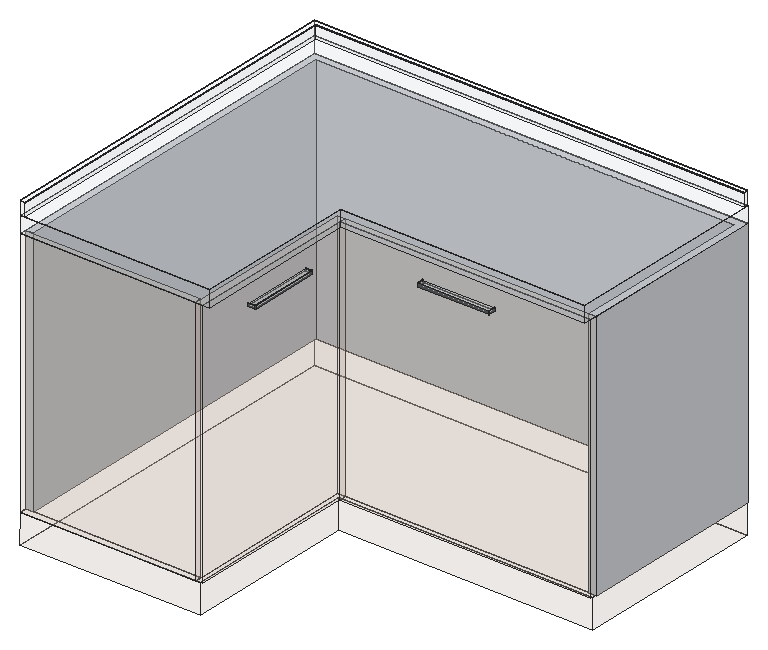
Revit family "주방전체", category 케이스워크, Revit 2026
Family settings
  작업 기준면 기반 = 아니오
  항상 수직 = 예
  로드될 때 보이드를 사용하여 절단 = 아니오
  공유 = 아니오
  룸 계산 점 = 아니오
Parameters (values of type "1120 x 1320 x 900mm")
  기본 높이 = 0 mm
  Top Material = 엔지니어스톤
  Material = 지정칼라H/G도장마감
  키노트 = "N10"
  Handle Material = 엔지니어스톤
  설명 = "Corner"
  깊이 = 1120 mm
  높이 = 900 mm
  폭 = 1320 mm
  조합 코드 = "C1030400"
Types (3, lengths in mm): name | Top Material | Material | Handle Material | 깊이 | 높이 | 폭
  1120 x 1320 x 862mm | 엔지니어스톤 | 지정칼라H/G도장마감 | 엔지니어스톤 | 1120 | 862 | 1320
  931 x 931 x 900mm | none | none | none | 931 | 900 | 931
  1120 x 1320 x 900mm | 엔지니어스톤 | 지정칼라H/G도장마감 | 엔지니어스톤 | 1120 | 900 | 1320
Reference planes
  plane 1 "Back": y = 0
  plane 2: z = 0
  plane 3 "Center (Left/Right)": x = 44.7
  plane 4 "Front": y = -1120
  plane 5 "Left": x = -615.3
  plane 6 "Right": x = 704.7
  plane 7 "Top": z = 900
  plane 8: z = 90
  plane 9: z = 850
  plane 10: y = -622
  plane 11: x = -37.3
Forms (mm)
  Extrusion 1, solid
    sketch origin (0, 0, 0) x (1, 0, 0) y (0, 1, 0)
      loop
        line (-615.3, 0) -> (-615.3, -1098) -> (-593.3, -1098) -> (-593.3, -22) -> (682.7, -22) -> (682.7, -578) -> (704.7, -578) -> (704.7, 0) -> (-615.3, 0)
    from 90 to 850
  Extrusion 2, solid, material "지정칼라H/G도장마감" <- "Material"
    sketch origin (0, -20, 0) x (1, 0, 0) y (0, 1, 0)
      loop
        line (-615.3, -1100) -> (-82.3, -1100) -> (-82.3, -1078) -> (-615.3, -1078) -> (-615.3, -1100)
    from 90 to 850
  Extrusion 3, solid, material "엔지니어스톤" <- "Top Material"
    sketch origin (0, 0, 900) x (0, -1, 0) y (-1, 0, 0)
      loop
        line (0, 615.3) -> (0, -704.7) -> (622, -704.7) -> (622, 37.3) -> (1120, 37.3) -> (1120, 615.3) -> (0, 615.3)
    from 0 to 50
  Extrusion 4, solid, material "지정칼라H/G도장마감" <- "Material"
    sketch origin (0, 0, 900) x (0, -1, 0) y (-1, 0, 0)
      loop
        line (0.534, 615.3) -> (0.534, -704.7) -> (592, -704.7) -> (592, 67.3) -> (1120, 67.3) -> (1120, 615.3) -> (0.534, 615.3)
    from 810 to 900
  Sweep 5, solid, material "엔지니어스톤" <- "Top Material"
    path origin (0, 0, 900) x (0, -1, 0) y (1, 0, 0)
      loop
        line (0, 704.7) -> (0, -615.3) -> (1120, -615.3)
    profile origin (44.7, 0, 0) x (0, -1, 0) y (0, 0, 1)
      loop
        line (0, 900) -> (15, 900) -> (15, 938)
        arc (15, 938) -> (14.414, 939.414) -> (13, 940) r 2
        line (13, 940) -> (1.504, 940) -> (1.504, 942.003) -> (0, 942.003) -> (0, 900)
  Extrusion 6, solid, material "지정칼라H/G도장마감" <- "Material"
    sketch origin (309, 311, 0) x (1, 0, 0) y (0, 1, 0)
      loop
        line (-368.3, -911) -> (395.7, -911) -> (395.7, -889) -> (-368.3, -889) -> (-368.3, -911)
    from 90 to 850
  Extrusion 7, solid, material "지정칼라H/G도장마감" <- "Material"
    sketch origin (-753.8, -729.8, 0) x (0, -1, 0) y (1, 0, 0)
      loop
        line (-151.8, 694.5) -> (-151.8, 672.5) -> (390.2, 672.5) -> (390.2, 694.5) -> (-151.8, 694.5)
    from 90 to 850
Dimensions and locks
  "폭": plane 6 "Right" to plane 5 "Left"
  equal spacing: plane 6 "Right", plane 3 "Center (Left/Right)", plane 5 "Left"
  "깊이": plane 4 "Front" to plane 1 "Back"
  "높이": level to plane 7 "Top"
  locked: Extrusion 1 sketch curve to Extrusion 1 sketch curve at 22  (x3)
  locked: plane 8 to level at 90
  locked: plane 7 "Top" to plane 9 at 50
  plane 5 "Left" to plane 6 "Right" = 1320 mm
  plane 5 "Left" to plane 11 = 578 mm
  locked: plane 10 to plane 1 "Back" at 622
  equal spacing: Extrusion 7, nested 1, Extrusion 3
  plane 4 "Front" to nested 2 to Extrusion 6 = 258 mm, 262 mm
  nested 1 to level = 799.2 mm
  aligned and locked: Extrusion 1 sketch curve to plane 6 "Right"
  aligned and locked: plane 1 "Back" to Extrusion 1 sketch curve
  aligned and locked: Extrusion 1 sketch curve to plane 5 "Left"
  aligned and locked: Extrusion 2 to plane 9
  aligned and locked: Extrusion 1 to plane 9
  aligned and locked: plane 8 to Extrusion 2
  aligned and locked: plane 8 to Extrusion 1
  aligned and locked: Extrusion 4 to Extrusion 1
  aligned and locked: nested 1 to nested 2
Automatic sketch dimensions
  Sweep 5 sketch curve to plane 6 "Right" = 0 mm
  Sweep 5 sketch curve to profile plane = 0 mm  (x2)
  Sweep 5 sketch curve to profile plane = 1.504 mm
  Sweep 5 sketch curve to Sweep 5 sketch curve = 11.496 mm
  Sweep 5 sketch curve to profile plane = 15 mm
  profile plane to Sweep 5 sketch curve = 38 mm
  Sweep 5 sketch curve to Sweep 5 sketch curve = 2.003 mm
  Extrusion 6 sketch curve to plane 10 = 44 mm
  plane 11 to Extrusion 6 sketch curve = 22 mm
  Extrusion 6 sketch curve to plane 6 "Right" = 0 mm
  Extrusion 6 sketch curve to plane 10 = 22 mm
  Extrusion 1 sketch curve to plane 10 = 44 mm
  Extrusion 1 sketch curve to plane 4 "Front" = 22 mm
  plane 11 to Extrusion 7 sketch curve = 22 mm
  Extrusion 7 sketch curve to plane 10 = 44 mm
  Extrusion 7 sketch curve to plane 4 "Front" = 0 mm
  plane 11 to Extrusion 7 sketch curve = 44 mm
  Extrusion 4 sketch curve to plane 5 "Left" = 0 mm
  Extrusion 4 sketch curve to plane 6 "Right" = 0 mm
  Extrusion 4 sketch curve to plane 4 "Front" = 0 mm
  Extrusion 4 sketch curve to plane 10 = 30 mm
  plane 1 "Back" to Extrusion 4 sketch curve = 0.534 mm
  plane 11 to Extrusion 4 sketch curve = 30 mm
  Extrusion 3 sketch curve to plane 1 "Back" = 0 mm
  Extrusion 3 sketch curve to plane 10 = 0 mm
  Extrusion 3 sketch curve to plane 4 "Front" = 0 mm
  Extrusion 3 sketch curve to plane 5 "Left" = 0 mm
  Extrusion 3 sketch curve to plane 11 = 0 mm
  Extrusion 3 sketch curve to plane 6 "Right" = 0 mm
  Extrusion 2 sketch curve to plane 5 "Left" = 0 mm
  Extrusion 2 sketch curve to plane 4 "Front" = 0 mm
  Extrusion 2 sketch curve to plane 4 "Front" = 22 mm
  plane 11 to Extrusion 2 sketch curve = 45 mm
  Sweep 5 sketch curve to plane 1 "Back" = 0 mm
  Sweep 5 sketch curve to plane 4 "Front" = 0 mm
  Sweep 5 sketch curve to plane 5 "Left" = 0 mm
Nested families
  nested 1: "Casework Handle" at (597.577, -645.5, 787.2), type "220 x 23mm"
  nested 2: "Casework Handle" at (-17.3, -587.123, 787.2) x (0, 1, 0) z (0, 0, 1), type "220 x 23mm"
Definition of nested family "Casework Handle"
  Parameters
    Default Elevation = 0 mm
    Material = none
  Reference planes
    plane 1 "Center (Front/Back)": y = 0
    plane 2: z = 0
    plane 3 "Center (Left/Right)": x = -274.877
    plane 4: x = -384.877
    plane 5: x = -164.877
    plane 6: y = 23
    plane 7: z = 12
  Forms (mm)
    Sweep 1, solid, material <- "Material"
      path origin (0, 0, 0) x (1, 0, 0) y (0, 1, 0)
        loop
          line (-384.877, 23) -> (-384.877, 2.5)
          arc (-384.877, 2.5) -> (-384.145, 0.732) -> (-382.377, 0) r 2.5
          line (-382.377, 0) -> (-167.377, 0)
          arc (-167.377, 0) -> (-165.609, 0.732) -> (-164.877, 2.5) r 2.5
          line (-164.877, 2.5) -> (-164.877, 23)
      profile origin (0, 12.75, 0) x (1, 0, 0) y (0, 0, 1)
        loop
          line (-384.877, 0) -> (-382.877, 0) -> (-382.877, 12) -> (-384.877, 12) -> (-384.877, 0)
    Extrusion 2, solid, material <- "Material"
      sketch origin (0, 0, 0) x (1, 0, 0) y (0, 1, 0)
        loop
          arc (-382.877, 2.5) -> (-382.731, 2.146) -> (-382.377, 2) r 0.5
          line (-382.377, 2) -> (-167.377, 2)
          arc (-167.377, 2) -> (-167.023, 2.146) -> (-166.877, 2.5) r 0.5
          line (-166.877, 2.5) -> (-166.877, 23) -> (-382.877, 23) -> (-382.877, 2.5)
      from 2.765 to 9.254
  Dimensions and locks
    equal spacing: plane 4, plane 3 "Center (Left/Right)", plane 5
